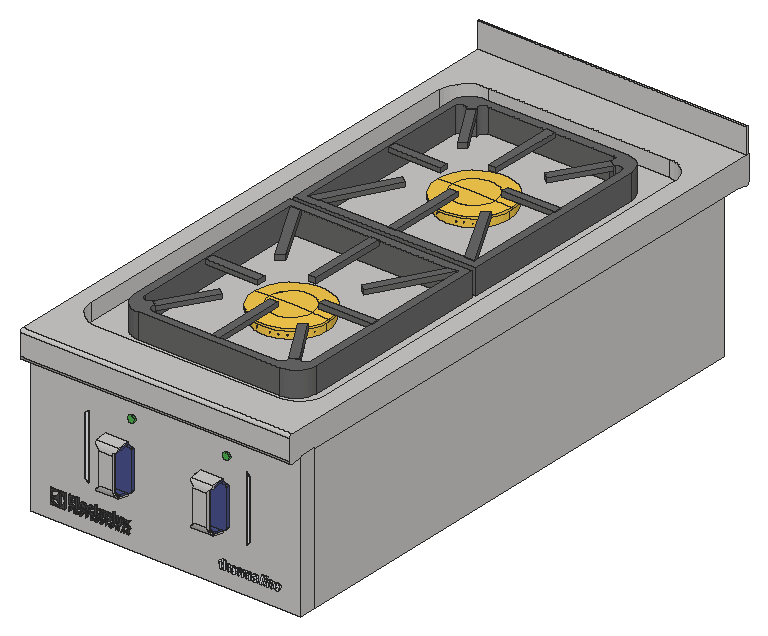
Revit family "QF_ELECTROLUXPROFESSIONAL_593103_MBGCBBDOVO", category Specialty Equipment, Revit 2014 (continued)
Definition of nested family "Therma_One_Burner_Long"
  Automatic sketch dimensions
    curve 3 to curve 4 = 0 mm  (x2)
    curve 5 to plane 4 = 0 mm
    plane 8 to curve 6 = 0 mm
    plane 1 "Center (Front/Back)" to curve 2 = 0 mm
    curve 2 to plane 3 "Center (Left/Right)" = 0 mm
    curve 45 to plane 5 = 0 mm
    curve 46 to plane 9 = 0 mm
    plane 4 to curve 39 = 11.407 mm
    curve 41 to plane 1 "Center (Front/Back)" = 5.75 mm
    plane 4 to curve 41 = 11.5 mm
    curve 8 to curve 9 = 8 mm
    curve 9 to curve 10 = 5.512 mm
    curve 37 to curve 38 = 14.846 mm
    curve 10 to curve 5 = 4.988 mm
    plane 8 to curve 12 = 24.39 mm
    curve 5 to curve 12 = 6.034 mm
    curve 12 to curve 13 = 6.332 mm
    curve 10 to plane 3 "Center (Left/Right)" = 66.032 mm
    curve 36 to plane 3 "Center (Left/Right)" = 66.032 mm
    curve 10 to curve 11 = 9.51 mm
    curve 36 to curve 36 = 9.51 mm
    plane 1 "Center (Front/Back)" to curve 40 = 5.75 mm
    curve 40 to plane 3 "Center (Left/Right)" = 45 mm
    curve 38 to plane 3 "Center (Left/Right)" = 5.75 mm
    curve 13 to plane 3 "Center (Left/Right)" = 5.75 mm
    plane 3 "Center (Left/Right)" to curve 32 = 5.75 mm
    plane 3 "Center (Left/Right)" to curve 43 = 5.75 mm
    plane 1 "Center (Front/Back)" to curve 25 = 5.75 mm
    plane 3 "Center (Left/Right)" to curve 25 = 45 mm
    curve 25 to curve 29 = 11.522 mm
    curve 24 to curve 19 = 11.522 mm
    curve 19 to curve 20 = 9.51 mm
    curve 27 to curve 28 = 9.51 mm
    plane 8 to curve 18 = 19.5 mm
    curve 18 to plane 5 = 42.366 mm
    curve 18 to curve 19 = 6.332 mm
    curve 17 to curve 6 = 12.366 mm
    plane 9 to curve 29 = 11.724 mm
    curve 29 to plane 5 = 26.253 mm
    curve 44 to curve 21 = 4.988 mm
    curve 21 to curve 22 = 5.512 mm
    curve 22 to curve 23 = 8 mm
    curve 31 to plane 5 = 11.407 mm
    plane 9 to curve 28 = 11.724 mm
    plane 9 to curve 37 = 11.724 mm
    curve 38 to curve 30 = 0 mm
    curve 29 to curve 3 = 53.4 mm
    curve 35 to curve 4 = 53.4 mm
    curve 27 to curve 28 = 6.909 mm
    curve 35 to curve 37 = 6.909 mm
    plane 1 "Center (Front/Back)" to curve 33 = 38.5 mm
    curve 24 to plane 1 "Center (Front/Back)" = 5.75 mm
    curve 15 to plane 1 "Center (Front/Back)" = 33 mm
    curve 2 to curve 21 = 46.491 mm
    curve 1 to curve 10 = 46.491 mm
    curve 10 to curve 11 = 6.909 mm
    curve 20 to curve 20 = 6.909 mm
    curve 8 to curve 5 = 5.139 mm
    curve 22 to curve 44 = 5.139 mm
    curve 19 to curve 18 = 4.89 mm
    curve 12 to curve 14 = 4.89 mm
    curve 1 to curve 41 = 9.699 mm
    curve 4 to curve 40 = 9.699 mm
    curve 1 to plane 3 "Center (Left/Right)" = 6.867 mm
    curve 4 to plane 3 "Center (Left/Right)" = 6.867 mm
    plane 3 "Center (Left/Right)" to curve 2 = 6.867 mm
    plane 3 "Center (Left/Right)" to curve 3 = 6.867 mm
    curve 25 to curve 3 = 9.699 mm
    curve 24 to curve 2 = 9.699 mm
    level to Extrusion 1 sketch curve = 6.05 mm
    level to Extrusion 2 sketch curve = 6.05 mm
    level to Extrusion 3 sketch curve = 6.05 mm
    level to Extrusion 4 sketch curve = 6.05 mm
    level to Extrusion 5 sketch curve = 6.05 mm
    level to Extrusion 6 sketch curve = 6.05 mm
    level to Extrusion 7 sketch curve = 6.05 mm
    level to Extrusion 8 sketch curve = 6.05 mm
    level to Extrusion 9 sketch curve = 6.05 mm
    level to Extrusion 10 sketch curve = 6.05 mm
    level to Extrusion 11 sketch curve = 6.05 mm
    level to Extrusion 12 sketch curve = 6.05 mm
    level to Extrusion 13 sketch curve = 6.05 mm
    level to Extrusion 14 sketch curve = 6.05 mm
    level to Extrusion 15 sketch curve = 6.05 mm
    level to Extrusion 16 sketch curve = 6.05 mm
    level to Extrusion 17 sketch curve = 6.05 mm
    level to Extrusion 18 sketch curve = 6.05 mm
    level to Extrusion 19 sketch curve = 6.05 mm
    level to Extrusion 20 sketch curve = 6.05 mm
    level to Extrusion 21 sketch curve = 6.05 mm
    level to Extrusion 22 sketch curve = 6.05 mm
    level to Extrusion 23 sketch curve = 6.05 mm
    level to Extrusion 24 sketch curve = 6.05 mm
    level to Extrusion 25 sketch curve = 6.05 mm
    level to Extrusion 26 sketch curve = 6.05 mm
    Extrusion 27 sketch curve to plane 4 = 0 mm
    plane 8 to Extrusion 27 sketch curve = 0 mm
    Extrusion 27 sketch curve to plane 5 = 0 mm
    Extrusion 27 sketch curve to plane 9 = 0 mm
    plane 4 to Extrusion 27 sketch curve = 11.5 mm
    Extrusion 27 sketch curve to Extrusion 27 sketch curve = 8 mm
    Extrusion 27 sketch curve to Extrusion 27 sketch curve = 5.512 mm
    Extrusion 27 sketch curve to Extrusion 27 sketch curve = 0.842 mm  (x2)
    Extrusion 27 sketch curve to Extrusion 27 sketch curve = 4.988 mm
    Extrusion 27 sketch curve to Extrusion 27 sketch curve = 6.034 mm  (x2)
    plane 8 to Extrusion 27 sketch curve = 11.5 mm
    Extrusion 27 sketch curve to Extrusion 27 sketch curve = 6.332 mm  (x2)
    Extrusion 27 sketch curve to plane 5 = 42.366 mm
    Extrusion 27 sketch curve to Extrusion 27 sketch curve = 4.146 mm
    Extrusion 27 sketch curve to Extrusion 27 sketch curve = 6.354 mm
    Extrusion 27 sketch curve to plane 5 = 11.5 mm
    plane 9 to Extrusion 27 sketch curve = 11.724 mm
    Extrusion 27 sketch curve to Extrusion 27 sketch curve = 5.139 mm  (x2)
    Extrusion 27 sketch curve to Extrusion 27 sketch curve = 1.359 mm  (x2)
    plane 4 to Extrusion 28 sketch curve = 11.407 mm  (x2)
    plane 4 to Extrusion 28 sketch curve = 25.854 mm
    Extrusion 28 sketch curve to Extrusion 28 sketch curve = 14.846 mm
    plane 8 to Extrusion 28 sketch curve = 24.39 mm  (x2)
    Extrusion 28 sketch curve to Extrusion 28 sketch curve = 10.18 mm  (x2)
    Extrusion 28 sketch curve to plane 3 "Center (Left/Right)" = 66.032 mm  (x2)
    Extrusion 28 sketch curve to Extrusion 28 sketch curve = 9.51 mm  (x4)
    plane 1 "Center (Front/Back)" to Extrusion 28 sketch curve = 5.75 mm  (x2)
    Extrusion 28 sketch curve to plane 3 "Center (Left/Right)" = 45 mm
    Extrusion 28 sketch curve to plane 3 "Center (Left/Right)" = 5.75 mm  (x2)
    plane 3 "Center (Left/Right)" to Extrusion 28 sketch curve = 5.75 mm  (x2)
    plane 3 "Center (Left/Right)" to Extrusion 28 sketch curve = 45 mm
    Extrusion 28 sketch curve to Extrusion 28 sketch curve = 11.522 mm  (x2)
    Extrusion 28 sketch curve to plane 5 = 36.034 mm
    plane 9 to Extrusion 28 sketch curve = 11.724 mm  (x3)
    Extrusion 28 sketch curve to plane 5 = 26.253 mm
    Extrusion 28 sketch curve to plane 5 = 11.407 mm  (x2)
    Extrusion 28 sketch curve to Extrusion 28 sketch curve = 53.4 mm  (x2)
    Extrusion 28 sketch curve to Extrusion 28 sketch curve = 6.909 mm  (x4)
    plane 1 "Center (Front/Back)" to Extrusion 28 sketch curve = 38.5 mm
    Extrusion 28 sketch curve to plane 1 "Center (Front/Back)" = 5.75 mm  (x2)
    Extrusion 28 sketch curve to plane 1 "Center (Front/Back)" = 33 mm
    Extrusion 28 sketch curve to Extrusion 28 sketch curve = 46.491 mm  (x2)
    plane 8 to Extrusion 28 sketch curve = 11.5 mm
    Revolve 29 sketch curve to plane 5 = 190.017 mm
    Revolve 29 sketch curve to level = 0 mm  (x2)
    Revolve 29 sketch curve to plane 5 = 187.273 mm
    Revolve 29 sketch curve to Revolve 29 sketch curve = 20.661 mm
    Revolve 29 sketch curve to Revolve 29 sketch curve = 31.612 mm
    Revolve 29 sketch curve to Revolve 29 sketch curve = 12.194 mm
    Revolve 29 sketch curve to Revolve 29 sketch curve = 0.684 mm
    Revolve 29 sketch curve to Revolve 29 sketch curve = 2.8 mm
    level to Revolve 29 sketch curve = 17.388 mm
    Revolve 29 sketch curve to Revolve 29 sketch curve = 0 mm
    Revolve 29 sketch curve to Revolve 29 sketch curve = 67.612 mm
    radius of Extrusion 1 sketch curve = 1 mm
    radius of Extrusion 2 sketch curve = 1 mm
    radius of Extrusion 3 sketch curve = 1 mm
    radius of Extrusion 4 sketch curve = 1 mm
    radius of Extrusion 5 sketch curve = 1 mm
    radius of Extrusion 6 sketch curve = 1 mm
    radius of Extrusion 7 sketch curve = 1 mm
    radius of Extrusion 8 sketch curve = 1 mm
    radius of Extrusion 9 sketch curve = 1 mm
    radius of Extrusion 10 sketch curve = 1 mm
    radius of Extrusion 11 sketch curve = 1 mm
    radius of Extrusion 12 sketch curve = 1 mm
    radius of Extrusion 13 sketch curve = 1 mm
    radius of Extrusion 14 sketch curve = 1 mm
    radius of Extrusion 15 sketch curve = 1 mm
    radius of Extrusion 16 sketch curve = 1 mm
    radius of Extrusion 17 sketch curve = 1 mm
    radius of Extrusion 18 sketch curve = 1 mm
    radius of Extrusion 19 sketch curve = 1 mm
    radius of Extrusion 20 sketch curve = 1 mm
    radius of Extrusion 21 sketch curve = 1 mm
    radius of Extrusion 22 sketch curve = 1 mm
    radius of Extrusion 23 sketch curve = 1 mm
    radius of Extrusion 24 sketch curve = 1 mm
    radius of Extrusion 25 sketch curve = 1 mm
    radius of Extrusion 26 sketch curve = 1 mm
